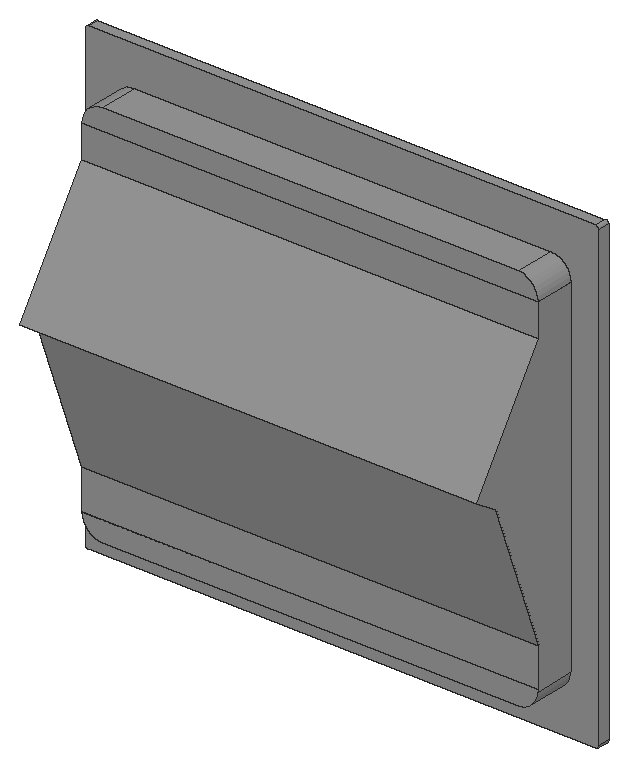
Revit family "L&L_LUCE&LIGHT_PASITO_1.1", category Lighting Fixtures, host Wall, Revit 2018 (continued)
Types (2, lengths in mm): name | built-in parameter 1150142 | Photometric Web File
     0.00 0.00 \r\n0.00 0.00 0.00 0.00 0.00 0.00 0.00 0.00 0.00 0.00 0.00 \r\n0.00 0.00 0.00 0.00 0.00 0.00 0.00 0.00 0.00 0.00 0.00 \r\n0.00 0.00 0.00 0.00 0.00 0.00 0.00 0.00 0.00 0.00 0.00 \r\n0.00 0.00 0.00 0.00 0.00 0.00 0.00 0.00 0.00 0.00 0.00 \r\n0.00 0.00 0.00 0.00 0.01 \r\n0.00 0.00 0.00 0.00 0.00 0.00 0.00 0.00 0.00 0.00 0.00 \r\n0.00 0.00 0.00 0.00 0.00 0.00 0.00 0.00 0.00 0.00 0.00 \r\n0.00 0.00 0.00 0.00 0.00 0.00 0.00 0.00 0.00 0.00 0.00 \r\n0.00 0.00 0.00 0.00 0.00 0.00 0.00 0.00 0.00 0.00 0.00 \r\n0.00 0.00 0.00 0.00 0.00 0.00 0.00 0.00 0.00 0.00 0.00 \r\n0.00 0.00 0.00 0.00 0.00 0.00 0.00 0.00 0.00 0.00 0.00 \r\n0.00 0.00 0.00 0.00 0.00 0.00 0.00 0.00 0.00 0.00 0.00 \r\n0.00 0.00 0.00 0.00 0.00 0.00 0.00 0.00 0.00 0.00 0.00 \r\n0.00 0.00 0.00 0.00 0.00 0.00 0.00 0.00 0.00 0.00 0.00 \r\n0.00 0.00 0.00 0.00 0.00 0.00 0.00 0.00 0.00 0.00 0.00 \r\n0.00 0.00 0.00 0.00 0.00 0.00 0.00 0.00 0.00 0.00 0.00 \r\n0.00 0.00 0.00 0.00 0.00 0.00 0.00 0.00 0.00 0.00 0.00 \r\n0.00 0.00 0.00 0.00 0.00 0.00 0.00 0.00 0.00 0.00 0.00 \r\n0.00 0.00 0.00 0.00 0.00 0.00 0.00 0.00 0.00 0.00 0.00 \r\n0.00 0.00 0.00 0.00 0.00 0.00 0.00 0.00 0.00 0.00 0.00 \r\n0.00 0.00 0.00 0.00 0.00 0.00 0.00 0.00 0.00 0.00 0.00 \r\n0.00 0.00 0.00 0.00 0.01 \r\n0.00 0.00 0.00 0.00 0.00 0.00 0.00 0.00 0.00 0.00 0.00 \r\n0.00 0.00 0.00 0.00 0.00 0.00 0.00 0.00 0.00 0.00 0.00 \r\n0.00 0.00 0.00 0.00 0.00 0.00 0.00 0.00 0.00 0.00 0.00 \r\n0.00 0.00 0.00 0.00 0.00 0.00 0.00 0.00 0.00 0.00 0.00 \r\n0.00 0.00 0.00 0.00 0.00 0.00 0.00 0.00 0.00 0.00 0.00 \r\n0.00 0.00 0.00 0.00 0.00 0.00 0.00 0.00 0.00 0.00 0.00 \r\n0.00 0.00 0.00 0.00 0.00 0.00 0.00 0.00 0.00 0.00 0.00 \r\n0.00 0.00 0.00 0.00 0.00 0.00 0.00 0.00 0.00 0.00 0.00 \r\n0.00 0.00 0.00 0.00 0.00 0.00 0.00 0.00 0.00 0.00 0.00 \r\n0.00 0.00 0.00 0.00 0.00 0.00 0.00 0.00 0.00 0.00 0.00 \r\n0.00 0.00 0.00 0.00 0.00 0.00 0.00 0.00 0.00 0.00 0.00 \r\n0.00 0.00 0.00 0.00 0.00 0.00 0.00 0.00 0.00 0.00 0.00 \r\n0.00 0.00 0.00 0.00 0.00 0.00 0.00 0.00 0.00 0.00 0.00 \r\n0.00 0.00 0.00 0.00 0.00 0.00 0.00 0.00 0.00 0.00 0.00 \r\n0.00 0.00 0.00 0.00 0.00 0.00 0.00 0.00 0.00 0.00 0.00 \r\n0.00 0.00 0.00 0.00 0.00 0.00 0.00 0.00 0.00 0.00 0.00 \r\n0.00 0.00 0.00 0.00 0.01 \r\n0.00 0.00 0.00 0.00 0.00 0.00 0.00 0.00 0.00 0.00 0.00 \r\n0.00 0.00 0.00 0.00 0.00 0.00 0.00 0.00 0.00 0.00 0.00 \r\n0.00 0.00 0.00 0.00 0.00 0.00 0.00 0.00 0.00 0.00 0.00 \r\n0.00 0.00 0.00 0.00 0.00 0.00 0.00 0.00 0.00 0.00 0.00 \r\n0.00 0.00 0.00 0.00 0.00 0.00 0.00 0.00 0.00 0.00 0.00 \r\n0.00 0.00 0.00 0.00 0.00 0.00 0.00 0.00 0.00 0.00 0.00 \r\n0.00 0.00 0.00 0.00 0.00 0.00 0.00 0.00 0.00 0.00 0.00 \r\n0.00 0.00 0.00 0.00 0.00 0.00 0.00 0.00 0.00 0.00 0.00 \r\n0.00 0.00 0.00 0.00 0.00 0.00 0.00 0.00 0.00 0.00 0.00 \r\n0.00 0.00 0.00 0.00 0.00 0.00 0.00 0.00 0.00 0.00 0.00 \r\n0.00 0.00 0.00 0.00 0.00 0.00 0.00 0.00 0.00 0.00 0.00 \r\n0.00 0.00 0.00 0.00 0.00 0.00 0.00 0.00 0.00 0.00 0.00 \r\n0.00 0.00 0.00 0.00 0.00 0.00 0.00 0.00 0.00 0.00 0.00 \r\n0.00 0.00 0.00 0.00 0.00 0.00 0.00 0.00 0.00 0.00 0.00 \r\n0.00 0.00 0.00 0.00 0.00 0.00 0.00 0.00 0.00 0.00 0.00 \r\n0.00 0.00 0.00 0.00 0.00 0.00 0.00 0.00 0.00 0.00 0.00 \r\n0.00 0.00 0.00 0.00 0.01 \r\n0.00 0.00 0.00 0.00 0.00 0.00 0.00 0.00 0.00 0.00 0.00 \r\n0.00 0.00 0.00 0.00 0.00 0.00 0.00 0.00 0.00 0.00 0.00 \r\n0.00 0.00 0.00 0.00 0.00 0.00 0.00 0.00 0.00 0.00 0.00 \r\n0.00 0.00 0.00 0.00 0.00 0.00 0.00 0.00 0.00 0.00 0.00 \r\n0.00 0.00 0.00 0.00 0.00 0.00 0.00 0.00 0.00 0.00 0.00 \r\n0.00 0.00 0.00 0.00 0.00 0.00 0.00 0.00 0.00 0.00 0.00 \r\n0.00 0.00 0.00 0.00 0.00 0.00 0.00 0.00 0.00 0.00 0.00 \r\n0.00 0.00 0.00 0.00 0.00 0.00 0.00 0.00 0.00 0.00 0.00 \r\n0.00 0.00 0.00 0.00 0.00 0.00 0.00 0.00 0.00 0.00 0.00 \r\n0.00 0.00 0.00 0.00 0.00 0.00 0.00 0.00 0.00 0.00 0.00 \r\n0.00 0.00 0.00 0.00 0.00 0.00 0.00 0.00 0.00 0.00 0.00 \r\n0.00 0.00 0.00 0.00 0.00 0.00 0.00 0.00 0.00 0.00 0.00 \r\n0.00 0.00 0.00 0.00 0.00 0.00 0.00 0.00 0.00 0.00 0.00 \r\n0.00 0.00 0.00 0.00 0.00 0.00 0.00 0.00 0.00 0.00 0.00 \r\n0.00 0.00 0.00 0.00 0.00 0.00 0.00 0.00 0.00 0.00 0.00 \r\n0.00 0.00 0.00 0.00 0.00 0.00 0.00 0.00 0.00 0.00 0.00 \r\n0.00 0.00 0.00 0.00 0.01 \r\n0.00 0.00 0.00 0.00 0.00 0.00 0.00 0.00 0.00 0.00 0.00 \r\n0.00 0.00 0.00 0.00 0.00 0.00 0.00 0.00 0.00 0.00 0.00 \r\n0.00 0.00 0.00 0.00 0.00 0.00 0.00 0.00 0.00 0.00 0.00 \r\n0.00 0.00 0.00 0.00 0.00 0.00 0.00 0.00 0.00 0.00 0.00 \r\n0.00 0.00 0.00 0.00 0.00 0.00 0.00 0.00 0.00 0.00 0.00 \r\n0.00 0.00 0.00 0.00 0.00 0.00 0.00 0.00 0.00 0.00 0.00 \r\n0.00 0.00 0.00 0.00 0.00 0.00 0.00 0.00 0.00 0.00 0.00 \r\n0.00 0.00 0.00 0.00 0.00 0.00 0.00 0.00 0.00 0.00 0.00 \r\n0.00 0.00 0.00 0.00 0.00 0.00 0.00 0.00 0.00 0.00 0.00 \r\n0.00 0.00 0.00 0.00 0.00 0.00 0.00 0.00 0.00 0.00 0.00 \r\n0.00 0.00 0.00 0.00 0.00 0.00 0.00 0.00 0.00 0.00 0.00 \r\n0.00 0.00 0.00 0.00 0.00 0.00 0.00 0.00 0.00 0.00 0.00 \r\n0.00 0.00 0.00 0.00 0.00 0.00 0.00 0.00 0.00 0.00 0.00 \r\n0.00 0.00 0.00 0.00 0.00 0.00 0.00 0.00 0.00 0.00 0.00 \r\n0.00 0.00 0.00 0.00 0.00 0.00 0.00 0.00 0.00 0.00 0.00 \r\n0.00 0.00 0.00 0.00 0.00 0.00 0.00 0.00 0.00 0.00 0.00 \r\n0.00 0.00 0.00 0.00 0.01 \r\n0.00 0.00 0.00 0.00 0.00 0.00 0.00 0.00 0.00 0.00 0.00 \r\n0.00 0.00 0.00 0.00 0.00 0.00 0.00 0.00 0.00 0.00 0.00 \r\n0.00 0.00 0.00 0.00 0.00 0.00 0.00 0.00 0.00 0.00 0.00 \r\n0.00 0.00 0.00 0.00 0.00 0.00 0.00 0.00 0.00 0.00 0.00 \r\n0.00 0.00 0.00 0.00 0.00 0.00 0.00 0.00 0.00 0.00 0.00 \r\n0.00 0.00 0.00 0.00 0.00 0.00 0.00 0.00 0.00 0.00 0.00 \r\n0.00 0.00 0.00 0.00 0.00 0.00 0.00 0.00 0.00 0.00 0.00 \r\n0.00 0.00 0.00 0.00 0.00 0.00 0.00 0.00 0.00 0.00 0.00 \r\n0.00 0.00 0.00 0.00 0.00 0.00 0.00 0.00 0.00 0.00 0.00 \r\n0.00 0.00 0.00 0.00 0.00 0.00 0.00 0.00 0.00 0.00 0.00 \r\n0.00 0.00 0.00 0.00 0.00 0.00 0.00 0.00 0.00 0.00 0.00 \r\n0.00 0.00 0.00 0.00 0.00 0.00 0.00 0.00 0.00 0.00 0.00 \r\n0.00 0.00 0.00 0.00 0.00 0.00 0.00 0.00 0.00 0.00 0.00 \r\n0.00 0.00 0.00 0.00 0.00 0.00 0.00 0.00 0.00 0.00 0.00 \r\n0.00 0.00 0.00 0.00 0.00 0.00 0.00 0.00 0.00 0.00 0.00 \r\n0.00 0.00 0.00 0.00 0.00 0.00 0.00 0.00 0.00 0.00 0.00 \r\n0.00 0.00 0.00 0.00 0.01 \r\n0.00 0.00 0.00 0.00 0.00 0.00 0.00 0.00 0.00 0.00 0.00 \r\n0.00 0.00 0.00 0.00 0.00 0.00 0.00 0.00 0.00 0.00 0.00 \r\n0.00 0.00 0.00 0.00 0.00 0.00 0.00 0.00 0.00 0.00 0.00 \r\n0.00 0.00 0.00 0.00 0.00 0.00 0.00 0.00 0.00 0.00 0.00 \r\n0.00 0.00 0.00 0.00 0.00 0.00 0.00 0.00 0.00 0.00 0.00 \r\n0.00 0.00 0.00 0.00 0.00 0.00 0.00 0.00 0.00 0.00 0.00 \r\n0.00 0.00 0.00 0.00 0.00 0.00 0.00 0.00 0.00 0.00 0.00 \r\n0.00 0.00 0.00 0.00 0.00 0.00 0.00 0.00 0.00 0.00 0.00 \r\n0.00 0.00 0.00 0.00 0.00 0.00 0.00 0.00 0.00 0.00 0.00 \r\n0.00 0.00 0.00 0.00 0.00 0.00 0.00 0.00 0.00 0.00 0.00 \r\n0.00 0.00 0.00 0.00 0.00 0.00 0.00 0.00 0.00 0.00 0.00 \r\n0.00 0.00 0.00 0.00 0.00 0.00 0.00 0.00 0.00 0.00 0.00 \r\n0.00 0.00 0.00 0.00 0.00 0.00 0.00 0.00 0.00 0.00 0.00 \r\n0.00 0.00 0.00 0.00 0.00 0.00 0.00 0.00 0.00 0.00 0.00 \r\n0.00 0.00 0.00 0.00 0.00 0.00 0.00 0.00 0.00 0.00 0.00 \r\n0.00 0.00 0.00 0.00 0.00 0.00 0.00 0.00 0.00 0.00 0.00 \r\n0.00 0.00 0.00 0.00 0.01 \r\n0.00 0.00 0.00 0.00 0.00 0.00 0.00 0.00 0.00 0.00 0.00 \r\n0.00 0.00 0.00 0.00 0.00 0.00 0.00 0.00 0.00 0.00 0.00 \r\n0.00 0.00 0.00 0.00 0.00 0.00 0.00 0.00 0.00 0.00 0.00 \r\n0.00 0.00 0.00 0.00 0.00 0.00 0.00 0.00 0.00 0.00 0.00 \r\n0.00 0.00 0.00 0.00 0.00 0.00 0.00 0.00 0.00 0.00 0.00 \r\n0.00 0.00 0.00 0.00 0.00 0.00 0.00 0.00 0.00 0.00 0.00 \r\n0.00 0.00 0.00 0.00 0.00 0.00 0.00 0.00 0.00 0.00 0.00 \r\n0.00 0.00 0.00 0.00 0.00 0.00 0.00 0.00 0.00 0.00 0.00 \r\n0.00 0.00 0.00 0.00 0.00 0.00 0.00 0.00 0.00 0.00 0.00 \r\n0.00 0.00 0.00 0.00 0.00 0.00 0.00 0.00 0.00 0.00 0.00 \r\n0.00 0.00 0.00 0.00 0.00 0.00 0.00 0.00 0.00 0.00 0.00 \r\n0.00 0.00 0.00 0.00 0.00 0.00 0.00 0.00 0.00 0.00 0.00 \r\n0.00 0.00 0.00 0.00 0.00 0.00 0.00 0.00 0.00 0.00 0.00 \r\n0.00 0.00 0.00 0.00 0.00 0.00 0.00 0.00 0.00 0.00 0.00 \r\n0.00 0.00 0.00 0.00 0.00 0.00 0.00 0.00 0.00 0.00 0.00 \r\n0.00 0.00 0.00 0.00 0.00 0.00 0.00 0.00 0.00 0.00 0.00 \r\n0.00 0.00 0.00 0.00 0.01 \r\n0.00 0.00 0.00 0.00 0.00 0.00 0.00 0.00 0.00 0.00 0.00 \r\n0.00 0.00 0.00 0.00 0.00 0.00 0.00 0.00 0.00 0.00 0.00 \r\n0.00 0.00 0.00 0.00 0.00 0.00 0.00 0.00 0.00 0.00 0.00 \r\n0.00 0.00 0.00 0.00 0.00 0.00 0.00 0.00 0.00 0.00 0.00 \r\n0.00 0.00 0.00 0.00 0.00 0.00 0.00 0.00 0.00 0.00 0.00 \r\n0.00 0.00 0.00 0.00 0.00 0.00 0.00 0.00 0.00 0.00 0.00 \r\n0.00 0.00 0.00 0.00 0.00 0.00 0.00 0.00 0.00 0.00 0.00 \r\n0.00 0.00 0.00 0.00 0.00 0.00 0.00 0.00 0.00 0.00 0.00 \r\n0.00 0.00 0.00 0.00 0.00 0.00 0.00 0.00 0.00 0.00 0.00 \r\n0.00 0.00 0.00 0.00 0.00 0.00 0.00 0.00 0.00 0.00 0.00 \r\n0.00 0.00 0.00 0.00 0.00 0.00 0.00 0.00 0.00 0.00 0.00 \r\n0.00 0.00 0.00 0.00 0.00 0.00 0.00 0.00 0.00 0.00 0.00 \r\n0.00 0.00 0.00 0.00 0.00 0.00 0.00 0.00 0.00 0.00 0.00 \r\n0.00 0.00 0.00 0.00 0.00 0.00 0.00 0.00 0.00 0.00 0.00 \r\n0.00 0.00 0.00 0.00 0.00 0.00 0.00 0.00 0.00 0.00 0.00 \r\n0.00 0.00 0.00 0.00 0.00 0.00 0.00 0.00 0.00 0.00 0.00 \r\n0.00 0.00 0.00 0.00 0.01 \r\n0.00 0.00 0.00 0.00 0.00 0.00 0.00 0.00 0.00 0.00 0.00 \r\n0.00 0.00 0.00 0.00 0.00 0.00 0.00 0.00 0.00 0.00 0.00 \r\n0.00 0.00 0.00 0.00 0.00 0.00 0.00 0.00 0.00 0.00 0.00 \r\n0.00 0.00 0.00 0.00 0.00 0.00 0.00 0.00 0.00 0.00 0.00 \r\n0.00 0.00 0.00 0.00 0.00 0.00 0.00 0.00 0.00 0.00 0.00 \r\n0.00 0.00 0.00 0.00 0.00 0.00 0.00 0.00 0.00 0.00 0.00 \r\n0.00 0.00 0.00 0.00 0.00 0.00 0.00 0.00 0.00 0.00 0.00 \r\n0.00 0.00 0.00 0.00 0.00 0.00 0.00 0.00 0.00 0.00 0.00 \r\n0.00 0.00 0.00 0.00 0.00 0.00 0.00 0.00 0.00 0.00 0.00 \r\n0.00 0.00 0.00 0.00 0.00 0.00 0.00 0.00 0.00 0.00 0.00 \r\n0.00 0.00 0.00 0.00 0.00 0.00 0.00 0.00 0.00 0.00 0.00 \r\n0.00 0.00 0.00 0.00 0.00 0.00 0.00 0.00 0.00 0.00 0.00 \r\n0.00 0.00 0.00 0.00 0.00 0.00 0.00 0.00 0.00 0.00 0.00 \r\n0.00 0.00 0.00 0.00 0.00 0.00 0.00 0.00 0.00 0.00 0.00 \r\n0.00 0.00 0.00 0.00 0.00 0.00 0.00 0.00 0.00 0.00 0.00 \r\n0.00 0.00 0.00 0.00 0.00 0.00 0.00 0.00 0.00 0.00 0.00 \r\n0.00 0.00 0.00 0.00 0.01 \r\n0.00 0.00 0.00 0.00 0.00 0.00 0.00 0.00 0.00 0.00 0.00 \r\n0.00 0.00 0.00 0.00 0.00 0.00 0.00 0.00 0.00 0.00 0.00 \r\n0.00 0.00 0.00 0.00 0.00 0.00 0.00 0.00 0.00 0.00 0.00 \r\n0.00 0.00 0.00 0.00 0.00 0.00 0.00 0.00 0.00 0.00 0.00 \r\n0.00 0.00 0.00 0.00 0.00 0.00 0.00 0.00 0.00 0.00 0.00 \r\n0.00 0.00 0.00 0.00 0.00 0.00 0.00 0.00 0.00 0.00 0.00 \r\n0.00 0.00 0.00 0.00 0.00 0.00 0.00 0.00 0.00 0.00 0.00 \r\n0.00 0.00 0.00 0.00 0.00 0.00 0.00 0.00 0.00 0.00 0.00 \r\n0.00 0.00 0.00 0.00 0.00 0.00 0.00 0.00 0.00 0.00 0.00 \r\n0.00 0.00 0.00 0.00 0.00 0.00 0.00 0.00 0.00 0.00 0.00 \r\n0.00 0.00 0.00 0.00 0.00 0.00 0.00 0.00 0.00 0.00 0.00 \r\n0.00 0.00 0.00 0.00 0.00 0.00 0.00 0.00 0.00 0.00 0.00 \r\n0.00 0.00 0.00 0.00 0.00 0.00 0.00 0.00 0.00 0.00 0.00 \r\n0.00 0.00 0.00 0.00 0.00 0.00 0.00 0.00 0.00 0.00 0.00 \r\n0.00 0.00 0.00 0.00 0.00 0.00 0.00 0.00 0.00 0.00 0.00 \r\n0.00 0.00 0.00 0.00 0.00 0.00 0.00 0.00 0.00 0.00 0.00 \r\n0.00 0.00 0.00 0.00 0.01 \r\n0.00 0.00 0.00 0.00 0.00 0.00 0.00 0.00 0.00 0.00 0.00 \r\n0.00 0.00 0.00 0.00 0.00 0.00 0.00 0.00 0.00 0.00 0.00 \r\n0.00 0.00 0.00 0.00 0.00 0.00 0.00 0.00 0.00 0.00 0.00 \r\n0.00 0.00 0.00 0.00 0.00 0.00 0.00 0.00 0.00 0.00 0.00 \r\n0.00 0.00 0.00 0.00 0.00 0.00 0.00 0.00 0.00 0.00 0.00 \r\n0.00 0.00 0.00 0.00 0.00 0.00 0.00 0.00 0.00 0.00 0.00 \r\n0.00 0.00 0.00 0.00 0.00 0.00 0.00 0.00 0.00 0.00 0.00 \r\n0.00 0.00 0.00 0.00 0.00 0.00 0.00 0.00 0.00 0.00 0.00 \r\n0.00 0.00 0.00 0.00 0.00 0.00 0.00 0.00 0.00 0.00 0.00 \r\n0.00 0.00 0.00 0.00 0.00 0.00 0.00 0.00 0.00 0.00 0.00 \r\n0.00 0.00 0.00 0.00 0.00 0.00 0.00 0.00 0.00 0.00 0.00 \r\n0.00 0.00 0.00 0.00 0.00 0.00 0.00 0.00 0.00 0.00 0.00 \r\n0.00 0.00 0.00 0.00 0.00 0.00 0.00 0.00 0.00 0.00 0.00 \r\n0.00 0.00 0.00 0.00 0.00 0.00 0.00 0.00 0.00 0.00 0.00 \r\n0.00 0.00 0.00 0.00 0.00 0.00 0.00 0.00 0.00 0.00 0.00 \r\n0.00 0.00 0.00 0.00 0.00 0.00 0.00 0.00 0.00 0.00 0.00 \r\n0.00 0.00 0.00 0.00 0.01 \r\n0.00 0.00 0.00 0.00 0.00 0.00 0.00 0.00 0.00 0.00 0.00 \r\n0.00 0.00 0.00 0.00 0.00 0.00 0.00 0.00 0.00 0.00 0.00 \r\n0.00 0.00 0.00 0.00 0.00 0.00 0.00 0.00 0.00 0.00 0.00 \r\n0.00 0.00 0.00 0.00 0.00 0.00 0.00 0.00 0.00 0.00 0.00 \r\n0.00 0.00 0.00 0.00 0.00 0.00 0.00 0.00 0.00 0.00 0.00 \r\n0.00 0.00 0.00 0.00 0.00 0.00 0.00 0.00 0.00 0.00 0.00 \r\n0.00 0.00 0.00 0.00 0.00 0.00 0.00 0.00 0.00 0.00 0.00 \r\n0.00 0.00 0.00 0.00 0.00 0.00 0.00 0.00 0.00 0.00 0.00 \r\n0.00 0.00 0.00 0.00 0.00 0.00 0.00 0.00 0.00 0.00 0.00 \r\n0.00 0.00 0.00 0.00 0.00 0.00 0.00 0.00 0.00 0.00 0.00 \r\n0.00 0.00 0.00 0.00 0.00 0.00 0.00 0.00 0.00 0.00 0.00 \r\n0.00 0.00 0.00 0.00 0.00 0.00 0.00 0.00 0.00 0.00 0.00 \r\n0.00 0.00 0.00 0.00 0.00 0.00 0.00 0.00 0.00 0.00 0.00 \r\n0.00 0.00 0.00 0.00 0.00 0.00 0.00 0.00 0.00 0.00 0.00 \r\n0.00 0.00 0.00 0.00 0.00 0.00 0.00 0.00 0.00 0.00 0.00 \r\n0.00 0.00 0.00 0.00 0.00 0.00 0.00 0.00 0.00 0.00 0.00 \r\n0.00 0.00 0.00 0.00 0.01 \r\n0.00 0.00 0.00 0.00 0.00 0.00 0.00 0.00 0.00 0.00 0.00 \r\n0.00 0.00 0.00 0.00 0.00 0.00 0.00 0.00 0.00 0.00 0.00 \r\n0.00 0.00 0.00 0.00 0.00 0.00 0.00 0.00 0.00 0.00 0.00 \r\n0.00 0.00 0.00 0.00 0.00 0.00 0.00 0.00 0.00 0.00 0.00 \r\n0.00 0.00 0.00 0.00 0.00 0.00 0.00 0.00 0.00 0.00 0.00 \r\n0.00 0.00 0.00 0.00 0.00 0.00 0.00 0.00 0.00 0.00 0.00 \r\n0.00 0.00 0.00 0.00 0.00 0.00 0.00 0.00 0.00 0.00 0.00 \r\n0.00 0.00 0.00 0.00 0.00 0.00 0.00 0.00 0.00 0.00 0.00 \r\n0.00 0.00 0.00 0.00 0.00 0.00 0.00 0.00 0.00 0.00 0.00 \r\n0.00 0.00 0.00 0.00 0.00 0.00 0.00 0.00 0.00 0.00 0.00 \r\n0.00 0.00 0.00 0.00 0.00 0.00 0.00 0.00 0.00 0.00 0.00 \r\n0.00 0.00 0.00 0.00 0.00 0.00 0.00 0.00 0.00 0.00 0.00 \r\n0.00 0.00 0.00 0.00 0.00 0.00 0.00 0.00 0.00 0.00 0.00 \r\n0.00 0.00 0.00 0.00 0.00 0.00 0.00 0.00 0.00 0.00 0.00 \r\n0.00 0.00 0.00 0.00 0.00 0.00 0.00 0.00 0.00 0.00 0.00 \r\n0.00 0.00 0.00 0.00 0.00 0.00 0.00 0.00 0.00 0.00 0.00 \r\n0.00 0.00 0.00 0.00 0.01 \r\n0.00 0.00 0.00 0.00 0.00 0.00 0.00 0.00 0.00 0.00 0.00 \r\n0.00 0.00 0.00 0.00 0.00 0.00 0.00 0.00 0.00 0.00 0.00 \r\n0.00 0.00 0.00 0.00 0.00 0.00 0.00 0.00 0.00 0.00 0.00 \r\n0.00 0.00 0.00 0.00 0.00 0.00 0.00 0.00 0.00 0.00 0.00 \r\n0.00 0.00 0.00 0.00 0.00 0.00 0.00 0.00 0.00 0.00 0.00 \r\n0.00 0.00 0.00 0.00 0.00 0.00 0.00 0.00 0.00 0.00 0.00 \r\n0.00 0.00 0.00 0.00 0.00 0.00 0.00 0.00 0.00 0.00 0.00 \r\n0.00 0.00 0.00 0.00 0.00 0.00 0.00 0.00 0.00 0.00 0.00 \r\n0.00 0.00 0.00 0.00 0.00 0.00 0.00 0.00 0.00 0.00 0.00 \r\n0.00 0.00 0.00 0.00 0.00 0.00 0.00 0.00 0.00 0.00 0.00 \r\n0.00 0.00 0.00 0.00 0.00 0.00 0.00 0.00 0.00 0.00 0.00 \r\n0.00 0.00 0.00 0.00 0.00 0.00 0.00 0.00 0.00 0.00 0.00 \r\n0.00 0.00 0.00 0.00 0.00 0.00 0.00 0.00 0.00 0.00 0.00 \r\n0.00 0.00 0.00 0.00 0.00 0.00 0.00 0.00 0.00 0.00 0.00 \r\n0.00 0.00 0.00 0.00 0.00 0.00 0.00 0.00 0.00 0.00 0.00 \r\n0.00 0.00 0.00 0.00 0.00 0.00 0.00 0.00 0.00 0.00 0.00 \r\n0.00 0.00 0.00 0.00 0.01 \r\n0.00 0.00 0.00 0.00 0.00 0.00 0.00 0.00 0.00 0.00 0.00 \r\n0.00 0.00 0.00 0.00 0.00 0.00 0.00 0.00 0.00 0.00 0.00 \r\n0.00 0.00 0.00 0.00 0.00 0.00 0.00 0.00 0.00 0.00 0.00 \r\n0.00 0.00 0.00 0.00 0.00 0.00 0.00 0.00 0.00 0.00 0.00 \r\n0.00 0.00 0.00 0.00 0.00 0.00 0.00 0.00 0.00 0.00 0.00 \r\n0.00 0.00 0.00 0.00 0.00 0.00 0.00 0.00 0.00 0.00 0.00 \r\n0.00 0.00 0.00 0.00 0.00 0.00 0.00 0.00 0.00 0.00 0.00 \r\n0.00 0.00 0.00 0.00 0.00 0.00 0.00 0.00 0.00 0.00 0.00 \r\n0.00 0.00 0.00 0.00 0.00 0.00 0.00 0.00 0.00 0.00 0.00 \r\n0.00 0.00 0.00 0.00 0.00 0.00 0.00 0.00 0.00 0.00 0.00 \r\n0.00 0.00 0.00 0.00 0.00 0.00 0.00 0.00 0.00 0.00 0.00 \r\n0.00 0.00 0.00 0.00 0.00 0.00 0.00 0.00 0.00 0.00 0.00 \r\n0.00 0.00 0.00 0.00 0.00 0.00 0.00 0.00 0.00 0.00 0.00 \r\n0.00 0.00 0.00 0.00 0.00 0.00 0.00 0.00 0.00 0.00 0.00 \r\n0.00 0.00 0.00 0.00 0.00 0.00 0.00 0.00 0.00 0.00 0.00 \r\n0.00 0.00 0.00 0.00 0.00 0.00 0.00 0.00 0.00 0.00 0.00 \r\n0.00 0.00 0.00 0.00 0.01 \r\n0.00 0.00 0.00 0.00 0.00 0.00 0.00 0.00 0.00 0.00 0.00 \r\n0.00 0.00 0.00 0.00 0.00 0.00 0.00 0.00 0.00 0.00 0.00 \r\n0.00 0.00 0.00 0.00 0.00 0.00 0.00 0.00 0.00 0.00 0.00 \r\n0.00 0.00 0.00 0.00 0.00 0.00 0.00 0.00 0.00 0.00 0.00 \r\n0.00 0.00 0.00 0.00 0.00 0.00 0.00 0.00 0.00 0.00 0.00 \r\n0.00 0.00 0.00 0.00 0.00 0.00 0.00 0.00 0.00 0.00 0.00 \r\n0.00 0.00 0.00 0.00 0.00 0.00 0.00 0.00 0.00 0.00 0.00 \r\n0.00 0.00 0.00 0.00 0.00 0.00 0.00 0.00 0.00 0.00 0.00 \r\n0.00 0.00 0.00 0.00 0.00 0.00 0.00 0.00 0.00 0.00 0.00 \r\n0.00 0.00 0.00 0.00 0.00 0.00 0.00 0.00 0.00 0.00 0.00 \r\n0.00 0.00 0.00 0.00 0.00 0.00 0.00 0.00 0.00 0.00 0.00 \r\n0.00 0.00 0.00 0.00 0.00 0.00 0.00 0.00 0.00 0.00 0.00 \r\n0.00 0.00 0.00 0.00 0.00
